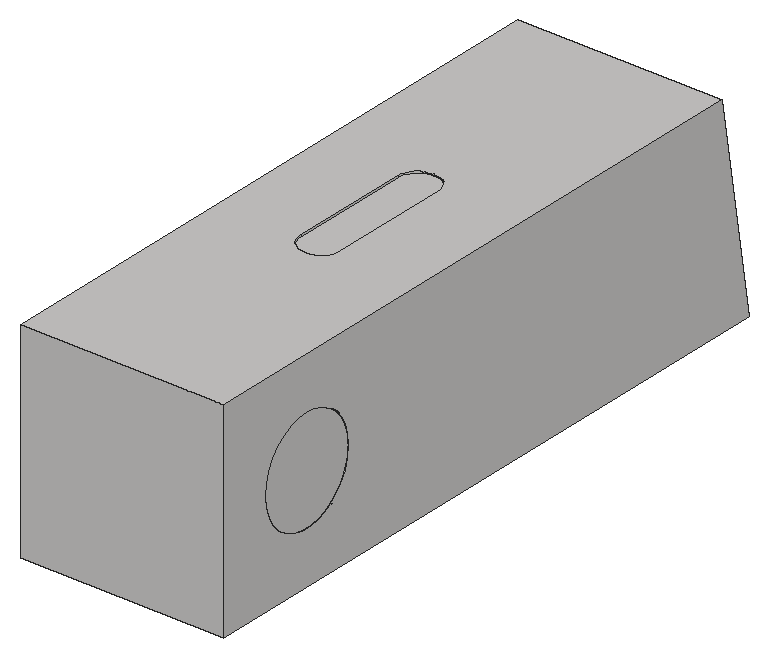
Revit family "NBS_DudleyIndustriesLimited_TltPprBulkDpnsrs_PlasmaToiletRollDispenser", category Furniture, host Face, Revit 2018
Family settings
  Host = Face
  Cut with Voids When Loaded = No
  Shared = No
  Room Calculation Point = No
Parameters (values of type "PlasmaToiletRollDispenser_3Roll")
  Weight = "1.9 kg"
  WarrantyStartDate [instance] = "1900-12-31T23:59:59"
  WarrantyGuarantorParts = "n/a"
  WarrantyGuarantorLabor = "n/a"
  WarrantyDurationUnit = "year"
  WarrantyDurationParts = "n/a"
  WarrantyDurationLabor = "n/a"
  WarrantyDescription = "10 Years"
  Version = "1"  # constant formula
  Uniclass2015Version = "Products v1.18"
  Uniclass2015Title = "Toilet paper dispensers"
  Uniclass2015Code = "Pr_40_70_22_90"
  TagNumber [instance] = "n/a"
  SustainabilityPerformance = "n/a"
  Style = "Roll dispenser"
  Status = "UNSET"
  Size = "129 x 405 x 126 mm"
  Shape = "Rectangular"
  SerialNumber [instance] = "n/a"
  Revision = "n/a"
  ReplacementCost = "n/a"
  Reference = "n/a"
  ProductInformation = "https://www.dudleyindustries.com/washroom/product/plasma-3-roll-toilet-paper-dispenser/"
  Packing = "1 piece"
  NominalWidth = 126 mm  # constant formula
  NominalLength = 0 mm
  NominalHeight = 405 mm
  NominalDepth = 129 mm  # constant formula
  Name = "ToiletPaperBulkDispensers_PlasmaToiletRollDispenser_3Roll_DudleyIndustriesLimited"
  NBSReference = "45-35-72/366"
  NBSDescription = "Toilet paper bulk dispensers"
  NBSCertification = "www.nationalbimlibrary.com/cert/vy3ssiwh"
  ModelReference = "PlasmaToiletRollDispenser_3Roll"
  ModelNumber = "77974 PS/SS/WH"
  MaterialsFinishAndColour = "Polished, brushed stainless steel, white powder coated"
  MaterialsBody = "Stainless steel"
  Material = "Stainless steel"
  ManufacturerURL = "www.dudleyindustries.com"
  ManufacturerName = "Dudley Industries Limited"  # constant formula
  Manufacturer = "sales@dudleyindustries.com"
  MainColor = "n/a"
  IsBuiltIn = yes
  InstallationDate [instance] = "1900-12-31T23:59:59"
  IfcExportType = "UNDEFINED"  # constant formula
  IfcExportAs = "IfcFurnitureType"  # constant formula
  Grade = "n/a"
  Finish = "Brushed, polished, powder coated"
  Features = "Ensures spare rolls are always available, secure locking mechanism"
  ExpectedLife = "n/a"
  DurationUnit = "year"
  DispenserMaterial = NBS_DudleyIndustriesLimited_StainlessSteel_Brushed
  Description = "3 roll toilet roll dispenser"
  Default Elevation = 1050 mm
  Constituents = "n/a"
  Color = "White"
  CodePerformance = "n/a"
  Category = "Pr_40_70_22_90:Toilet paper dispensers"
  BarCode [instance] = "n/a"
  BIMObjectName = "NBS_DudleyIndustriesLimited_ToiletPaperBulkDispensers_PlasmaToiletRollDispenser_3Roll"
  Author = "NBS"  # constant formula
  AssetType = "Fixed"
  AssetIdentifier [instance] = "n/a"
  AccessibilityPerformance = "n/a"
Types (2, lengths in mm): name | Weight | Size | ProductInformation | NominalHeight | Name | ModelReference | ModelNumber | Features | Description | BIMObjectName
  PlasmaToiletRollDispenser_2Roll | "1.8 kg" | "129 x 330 x 126 mm" | "https://www.dudleyindustries.com/washroom/product/plasma-2-roll-toilet-paper-dispenser/" | 330 | "ToiletPaperBulkDispensers_PlasmaToiletRollDispenser_2Roll_DudleyIndustriesLimited" | "PlasmaToiletRollDispenser_2Roll" | "77972 PS/SS/WH" | "Easy access for servicing, secure locking mechanism" | "2 roll toilet roll dispenser" | "NBS_DudleyIndustriesLimited_ToiletPaperBulkDispensers_PlasmaToiletRollDispenser_2Roll"
  PlasmaToiletRollDispenser_3Roll | "1.9 kg" | "129 x 405 x 126 mm" | "https://www.dudleyindustries.com/washroom/product/plasma-3-roll-toilet-paper-dispenser/" | 405 | "ToiletPaperBulkDispensers_PlasmaToiletRollDispenser_3Roll_DudleyIndustriesLimited" | "PlasmaToiletRollDispenser_3Roll" | "77974 PS/SS/WH" | "Ensures spare rolls are always available, secure locking mechanism" | "3 roll toilet roll dispenser" | "NBS_DudleyIndustriesLimited_ToiletPaperBulkDispensers_PlasmaToiletRollDispenser_3Roll"
Reference planes
  plane 1 "Bottom": y = 0
  plane 2 "Back": z = 0
  plane 3 "Center (Left/Right)": x = 0
  plane 4 "Left": x = -63
  plane 5 "Right": x = 63
  plane 6 "Top": y = 405
  plane 7 "Front": z = 129
Forms (mm)
  Extrusion 1, solid, material "NBS_DudleyIndustriesLimited_StainlessSteel_Brushed" <- "DispenserMaterial", detail levels fine
    sketch origin (0, 0, 0) x (0, 1, 0) y (0, 0, 1)
      loop
        line (0, 129) -> (0, 0) -> (405, 0) -> (384.568, 129) -> (0, 129)
    from -63 to 63
  Extrusion 2, void
    sketch origin (-63, 0, 0) x (0, 1, 0) y (0, 0, 1)
      loop
        circle (64, 64.5) r 32.5
    from 0 to 1
  Extrusion 3, void
    sketch origin (63, 0, 0) x (0, 1, 0) y (0, 0, -1)
      loop
        circle (64, -64.5) r 32.5
    from 0 to 1
  Extrusion 4, void
    sketch origin (0, 0, 129) x (0, 1, 0) y (-1, 0, 0)
      loop
        arc (153.5, 12.5) -> (141, 0) -> (153.5, -12.5) r 12.5
        line (153.5, -12.5) -> (228.5, -12.5)
        arc (228.5, -12.5) -> (241, 0) -> (228.5, 12.5) r 12.5
        line (228.5, 12.5) -> (153.5, 12.5)
    from 0 to -1
  Extrusion 5, solid, material "NBS_DudleyIndustriesLimited_StainlessSteel_Brushed" <- "DispenserMaterial", detail levels medium
    sketch origin (0, 0, 0) x (0, 1, 0) y (0, 0, 1)
      loop
        line (384.568, 129) -> (0, 129) -> (0, 0) -> (405, 0) -> (384.568, 129)
    from -63 to 63
  Extrusion 6, solid, material "NBS_DudleyIndustriesLimited_StainlessSteel_Brushed" <- "DispenserMaterial", detail levels coarse
    sketch origin (0, 0, 0) x (0, 1, 0) y (0, 0, 1)
      loop
        line (405, 0) -> (405, 129) -> (0, 129) -> (0, 0) -> (405, 0)
    from -63 to 63
Cuts and joins
  Extrusion 2, Extrusion 3, Extrusion 4 cuts Extrusion 1
Dimensions and locks
  "NominalHeight": plane 1 "Bottom" to plane 6 "Top"
  equal spacing: plane 4 "Left", plane 3 "Center (Left/Right)", plane 5 "Right"
  "NominalWidth": plane 4 "Left" to plane 5 "Right"
  "NominalDepth": plane 7 "Front" to level
  locked: Extrusion 2 sketch curve to plane 1 "Bottom" at 64
  equal spacing: plane 7 "Front", Extrusion 2 sketch curve, plane 2 "Back"
  locked: Extrusion 3 sketch curve to plane 1 "Bottom" at 64
  equal spacing: plane 7 "Front", Extrusion 3 sketch curve, plane 2 "Back"
  plane 1 "Bottom" to Extrusion 4 sketch curve to Extrusion 4 sketch curve = 141 mm locked, 100 mm locked
  locked: Extrusion 1 sketch curve to plane 6 "Top" (angle 9.00°)
  locked: Extrusion 5 sketch curve to plane 6 "Top" (angle 9.00°)
  aligned and locked: plane 2 "Back" to host face
  aligned and locked: level to host face
  aligned and locked: plane 1 "Bottom" to Extrusion 1 sketch curve
  aligned and locked: plane 7 "Front" to Extrusion 1 sketch curve
  aligned and locked: plane 2 "Back" to Extrusion 1 sketch curve
  aligned and locked: plane 6 "Top" to Extrusion 1 sketch curve
  aligned and locked: Extrusion 1 to plane 4 "Left"
  aligned and locked: Extrusion 1 to plane 5 "Right"
  aligned and locked: plane 7 "Front" to Extrusion 5 sketch curve
  aligned and locked: plane 1 "Bottom" to Extrusion 5 sketch curve
  aligned and locked: plane 2 "Back" to Extrusion 5 sketch curve
  aligned and locked: plane 6 "Top" to Extrusion 5 sketch curve
  aligned and locked: plane 6 "Top" to Extrusion 6 sketch curve
  aligned and locked: plane 1 "Bottom" to Extrusion 6 sketch curve
  aligned and locked: plane 7 "Front" to Extrusion 6 sketch curve
  aligned and locked: plane 2 "Back" to Extrusion 6 sketch curve
  aligned and locked: Extrusion 6 to plane 4 "Left"
  aligned and locked: Extrusion 6 to plane 5 "Right"
  aligned and locked: Extrusion 5 to plane 4 "Left"
  aligned and locked: Extrusion 5 to plane 5 "Right"
Automatic sketch dimensions
  host sketch curve to host sketch curve = 2438.4 mm  (x2)
  Extrusion 4 sketch curve to plane 3 "Center (Left/Right)" = 0 mm
  Extrusion 4 sketch curve to plane 1 "Bottom" = 153.5 mm
  Extrusion 4 sketch curve to Extrusion 4 sketch curve = 0 mm
  radius of Extrusion 2 sketch curve = 32.5 mm
  radius of Extrusion 3 sketch curve = 32.5 mm
